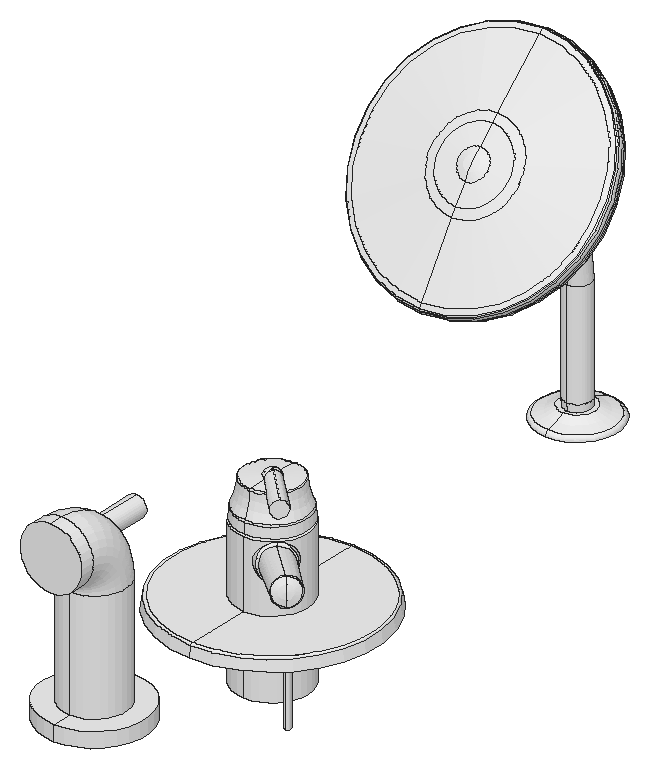
Revit family "Faucet-Delta-TRINSIC-TempAssure_17T_Series_H2Okinetic_Tub_and_Shower_Trim", category Plumbing Fixtures, host Face, Revit 2014
Parameters (values of type "T17T459-H2O")
  Width = 0' - 6 39/64"
  Warranty URL = "http://www.deltafaucet.com/customersupport/warranty.html"
  URL = "http://www.deltafaucet.com/"
  Series = "Trinsic"
  Product Page URL = "http://www.deltafaucet.com/bath/details/t17t459-h2o.html"
  Product Name = "TempAssure 17T Series H2Okinetic Tub and Shower Trim\r\n\r\nRead more: http://www.deltafaucet.com/bath/details/t17t459-h2o.html#ixzz44i7lEKyw"
  Product Documentation Link = "http://www.deltafaucet.com/customersupport/documentation/t17t459-h2o.html?document=ts&fromDetailArea=bath&documentIndex=0#flashWrapper"
  Model = "T17T459-H2O"
  Manufacturer = "DELTA"  # constant formula
  Hot Water Connection = 1/2"
  Height = 0' - 6 39/64"
  HWC R = Hot Water Connection / 2  # 1/4"
  Flow Rate = "2.00 gpm @ 80 psi | 7.6 L/min @ 550 kPa maximum water usage\r\n\r\nRead more: http://www.deltafaucet.com/bath/details/t17t459-h2o.html#ixzz44i7u1Kep"
  Finish = Chrome - DELTA - Polished
  Description = "Trinsic - TempAssure 17T Series H2Okinetic Tub and Shower Trim"  # constant formula
  Depth = 0' - 4.95199"
  Default Elevation = 3' - 9 1/4"
  Collection = ""
  Cold Water Connection = 1/2"
  CWC R = Cold Water Connection / 2  # 1/4"
  Actual Valve Water Flow = 0 GPM
  ADA Compliant = yes
Types (5): name | Product Page URL | Model | Finish
  (no name) | "http://www.deltafaucet.com/bath/details/t17t459-h2o.html" | "T17T459-H2O" | Chrome - DELTA - Polished
  T17T459-H2O | "http://www.deltafaucet.com/bath/details/t17t459-h2o.html" | "T17T459-H2O" | Chrome - DELTA - Polished
  T17T459-CZH2O | "http://www.deltafaucet.com/bath/details/t17t459-czh2o.html" | "T17T459-CZH2O" | Champagne - DELTA - Bronze
  T17T459-RBH2O | "http://www.deltafaucet.com/bath/details/t17t459-rbh2o.html" | "T17T459-RBH2O" | Venetian - DELTA - Bronze
  T17T459-SSH2O | "http://www.deltafaucet.com/bath/details/t17t459-ssh2o.html" | "T17T459-SSH2O" | Steel - DELTA - Brilliance Stainless
Reference planes (in)
  plane 1 "Center (Front/Back)": y = 0
  plane 2: z = 0
  plane 3 "Center (Left/Right)": x = 0
  plane 4: x = -3.30469
  plane 5: x = 3.30469
  plane 6: y = 3.30469
  plane 7: y = -3.30469
  plane 8: y = 1.54958
  plane 9: y = -1.20042
  plane 10: x = -1
  plane 11: x = 1
  plane 12: z = -0.25
  plane 13: z = -2.62217
  plane 14: z = 11.63708
Forms (in)
  Revolve 1, solid, material "Chrome - DELTA - Polished" <- "Finish"
    sketch origin (-0.0115, 0.29193, 0.00583) x (0, 1, 0) y (0, 0, 1)
      loop
        line (12.10771, 0.43541) -> (12.1147, 0.66) -> (12.1147, 3.975) -> (11.7087, 3.975) -> (11.7087, 0.03) -> (12.09508, 0.03) -> (12.09646, 0.07416) -> (12.95871, 0.07416)
        arc (12.95871, 0.07416) -> (12.92828, 0.16031) -> (12.85041, 0.20812) r 0.13688
        arc (12.85041, 0.20812) -> (12.54755, 0.29839) -> (12.26277, 0.43541) r 1.99273
        line (12.26277, 0.43541) -> (12.10771, 0.43541)
      axis (11.7087, 0.03) -> (11.7087, 3.975)
    angle from 0 to 360
  Sweep 2, solid, material "Chrome - DELTA - Polished" <- "Finish"
    path origin (-0.0115, 0.29193, 0.00583) x (0, 1, 0) y (0, 0, 1)
      loop
        arc (10.48704, 6.58692) -> (11.38808, 5.4167) -> (11.7087, 3.975) r 3.40418
    profile origin (-0.0115, 12.00063, 3.98083) x (0, 1, 0.000164) y (1, 0, 0)
      loop
        circle (0, 0) r 0.38712
  Revolve 3, solid, material "Chrome - DELTA - Polished" <- "Finish"
    sketch origin (-0.0115, 0.29193, 0.00583) x (0, 1, 0) y (0, 0, 1)
      loop
        line (10.05297, 7.8484) -> (10.05053, 7.92056) -> (10.0361, 7.98375) -> (10.03844, 8.2245)
        arc (10.03844, 8.2245) -> (9.94556, 8.41006) -> (9.84448, 8.5913) r 4.64365
        arc (9.84448, 8.5913) -> (9.82684, 8.69693) -> (9.84399, 8.80264) r 0.3297
        arc (9.84399, 8.80264) -> (9.91582, 8.98512) -> (9.98676, 9.16796) r 40.09342
        line (9.98676, 9.16796) -> (10.007, 9.59054)
        arc (10.007, 9.59054) -> (10.03109, 9.71043) -> (10.06844, 9.82687) r 1.09112
        arc (10.06844, 9.82687) -> (10.42869, 10.38998) -> (10.75537, 10.97319) r 11.4199
        line (10.75537, 10.97319) -> (10.76214, 11.01445) -> (10.74061, 11.22135)
        arc (10.74061, 11.22135) -> (10.73191, 11.24999) -> (10.71316, 11.27331) r 0.07872
        line (10.71316, 11.27331) -> (10.58202, 11.38425) -> (10.61949, 11.42902) -> (10.55557, 11.51823)
        arc (10.55557, 11.51823) -> (10.5105, 11.56643) -> (10.45323, 11.5992) r 0.22141
        line (10.45323, 11.5992) -> (10.38172, 11.62854) -> (10.34718, 11.62133) -> (10.21139, 11.51926) -> (8.59145, 10.01202)
        arc (8.59145, 10.01202) -> (8.48027, 9.91744) -> (8.3712, 9.82042) r 6.58673
        arc (8.3712, 9.82042) -> (8.13525, 9.59336) -> (7.91244, 9.35339) r 5.82415
        arc (7.91244, 9.35339) -> (7.71734, 9.21616) -> (7.54989, 9.04627) r 1.32966
        line (7.54989, 9.04627) -> (9.85957, 7.11281) -> (10.07424, 7.36924) -> (9.8906, 7.52333) -> (9.876, 7.55702)
        arc (9.876, 7.55702) -> (9.87227, 7.59067) -> (9.86487, 7.6237) r 0.30888
        line (9.86487, 7.6237) -> (10.05297, 7.8484)
      axis (9.85957, 7.11281) -> (7.54989, 9.04627)
    angle from 0 to 360
  Revolve 4, solid, material "Chrome - DELTA - Polished" <- "Finish"
    sketch origin (-0.0115, 0.29193, 0.00583) x (0, 1, 0) y (0, 0, 1)
      loop
        line (10.49306, 6.59413) -> (10.77438, 6.89843) -> (10.47489, 7.15254) -> (10.49473, 7.17617)
        arc (10.49473, 7.17617) -> (10.50139, 7.32544) -> (10.39638, 7.21916) r 0.08005
        line (10.39638, 7.21916) -> (10.08365, 7.4845) -> (9.83599, 7.14417) -> (10.49306, 6.59413)
      axis (10.50869, 6.58104) -> (9.8141, 7.1625)
    angle from 0 to 360
  Sweep 5, solid, material "Chrome - DELTA - Polished" <- "Finish"
    path origin (-0.20592, 0.20647, 0) x (0.707107, 0.707107, 0) y (-0.707107, 0.707107, 0)
      loop
        line (0, -1.90119) -> (0, -0.29176)
    profile origin (0.56941, -0.56886, 0) x (-0.707107, -0.707107, 0) y (0, 0, 1)
      loop
        spline (0.00023, 3.91398) -> (-0.06448, 3.9052) -> (-0.12477, 3.87944) -> (-0.17655, 3.83848) -> (-0.21628, 3.78509) -> (-0.24125, 3.72292) -> (-0.24977, 3.6562) -> (-0.24125, 3.58948) -> (-0.21628, 3.52731) -> (-0.17655, 3.47393) -> (-0.12477, 3.43296) -> (-0.06448, 3.40721) -> (0.00023, 3.39842)
        spline (0.00023, 3.39842) -> (0.06493, 3.40721) -> (0.12523, 3.43296) -> (0.17701, 3.47393) -> (0.21673, 3.52731) -> (0.24171, 3.58948) -> (0.25023, 3.6562) -> (0.24171, 3.72292) -> (0.21673, 3.78509) -> (0.17701, 3.83848) -> (0.12523, 3.87944) -> (0.06493, 3.9052) -> (0.00023, 3.91398)
  Extrusion 6, solid, material "Chrome - DELTA - Polished" <- "Finish"
    sketch origin (0.28184, 0.00622, 0) x (0.000453, -1, 0) y (1, 0.000453, 0)
      loop
        circle (-0.83685, -1.44561) r 0.09389
      loop
        circle (0.83829, 0.86261) r 0.09389
    from -2.62217 to 0
  Revolve 7, solid, material "Chrome - DELTA - Polished" <- "Finish"
    sketch origin (0.00023, 0.00023, 0) x (0, -1, 0) y (0, 0, 1)
      loop
        line (5.40551, 0.47244) -> (5.40551, 0) -> (7, 0) -> (7, 3.93702) -> (6.02558, 3.93702) -> (6.02558, 0.47244) -> (5.40551, 0.47244)
      axis (7, 3.93702) -> (7, 0)
    angle from 0 to 360
  Sweep 8, solid, material "Chrome - DELTA - Polished" <- "Finish"
    path origin (0.00023, 0.00023, 0) x (0, -1, 0) y (0, 0, 1)
      loop
        arc (7, 3.93702) -> (7.36892, 4.82818) -> (8.25998, 5.19735) r 1.25998
        line (8.25998, 5.19735) -> (8.69291, 5.19735)
    profile origin (0.00023, -6.99977, 3.93702) x (0, 1, -0.000278) y (-1, 0, 0)
      loop
        circle (0.0011, 0) r 0.97442
  Revolve 9, solid, material "Chrome - DELTA - Polished" <- "Finish"
    sketch origin (0.00023, 0.00023, 0) x (0, -1, 0) y (0, 0, 1)
      loop
        line (5.34633, 5.51685) -> (5.34633, 5.19685) -> (6.90212, 5.19685) -> (6.90212, 5.51685) -> (5.34633, 5.51685)
      axis (6.90212, 5.19685) -> (5.34633, 5.19685)
    angle from 0 to 360
  Revolve 10, solid, material "Chrome - DELTA - Polished" <- "Finish"
    sketch origin (0, 0, 0) x (0, 1, 0) y (0, 0, 1)
      loop
        line (0, -2.06898) -> (1.11295, -2.06898) -> (1.11295, 0) -> (3.25013, 0) -> (3.19317, 0.32303)
        arc (3.19317, 0.32303) -> (3.16363, 0.36702) -> (3.11122, 0.37471) r 0.06543
        line (3.11122, 0.37471) -> (1.11122, 0.37471) -> (1.11122, 2.46) -> (0.9155, 2.46)
        arc (0.9155, 2.46) -> (0.88658, 2.47685) -> (0.87518, 2.50832) r 0.04911
        line (0.87518, 2.50832) -> (0.87518, 2.54082) -> (1.09405, 2.54082) -> (1.07241, 2.85038)
        arc (1.07241, 2.85038) -> (1.06693, 2.88307) -> (1.05533, 2.91411) r 0.17291
        arc (1.05533, 2.91411) -> (0.92452, 3.28349) -> (0.88016, 3.67283) r 1.73076
        arc (0.88016, 3.67283) -> (0.87383, 3.6925) -> (0.8572, 3.70478) r 0.03371
        arc (0.8572, 3.70478) -> (0.42999, 3.75432) -> (0, 3.76264) r 4.47769
        line (0, 3.76264) -> (0, -2.06898)
      axis (0, -2.06898) -> (0, 3.76264)
    angle from 0 to 360
  Revolve 11, solid, material "Chrome - DELTA - Polished" <- "Finish"
    sketch origin (0, 0, 0) x (0, 1, 0) y (0, 0, 1)
      loop
        line (0, 3.91398) -> (0, 3.36417)
        arc (0, 3.36417) -> (0.27491, 3.63907) -> (0, 3.91398) r 0.27491
      axis (0, 3.36417) -> (0, 3.91398)
    angle from 0 to 360
  Revolve 12, solid, material "Chrome - DELTA - Polished" <- "Finish"
    sketch origin (-10.54712, 10.52375, 0) x (-0.707107, 0.707107, 0) y (0, 0, 1)
      loop
        line (-18.30743, 2.31049) -> (-15.77378, 1.86374) -> (-15.77378, 2.4567) -> (-16.02378, 2.4567)
        arc (-16.02378, 2.4567) -> (-16.05975, 2.4106) -> (-16.11766, 2.4025) r 0.07791
        line (-16.11766, 2.4025) -> (-18.12271, 2.70365)
        arc (-18.12271, 2.70365) -> (-18.14036, 2.70025) -> (-18.15447, 2.6891) r 0.03789
        arc (-18.15447, 2.6891) -> (-18.24851, 2.50689) -> (-18.30743, 2.31049) r 1.10981
      axis (-18.30743, 2.31049) -> (-15.77378, 1.86374)
    angle from 0 to 360
Cuts and joins
  joined: Revolve 1, Sweep 2, Revolve 3, Revolve 4
Lines and regions (in)
  Masking region 1, detail levels coarse
    outline origin (0, 0, 0) x (1, 0, 0) y (0, 0, 1)
      loop
        line (3.82523, 11.63708) -> (-3.84728, 11.63708) -> (-3.84728, 0) -> (3.82523, 0) -> (3.82523, 11.63708)
  Masking region 2, detail levels medium
    outline origin (0, 0, 0) x (1, 0, 0) y (0, 0, 1)
      loop
        line (3.24814, 0) -> (3.24814, 0.37575) -> (1.59571, 0.37575) -> (1.59571, 0.47244) -> (1.10902, 0.47244) -> (1.10902, 1.4311) -> (2.60954, 1.99771) -> (2.60954, 2.70626) -> (1.31471, 2.70626) -> (1.31471, 3.98083) -> (0.37574, 3.98083) -> (0.37574, 5.54453)
        arc (0.37574, 5.54453) -> (0.68873, 5.57932) -> (1, 5.62714) r 7.54916
        arc (1, 5.62714) -> (3.25768, 7.01248) -> (3.59276, 9.64003) r 3.06522
        spline (3.59276, 9.64003) -> (3.44875, 9.92246) -> (3.26721, 10.19187) -> (3.05012, 10.44535) -> (2.79983, 10.68015) -> (2.51906, 10.89371) -> (2.21085, 11.08373) -> (1.87853, 11.24813) -> (1.52572, 11.38515) -> (1.15625, 11.49329) -> (0.7741, 11.57139) -> (0.38344, 11.61858) -> (-0.0115, 11.63437)
        arc (-0.0115, 11.63437) -> (-1.24848, 11.48179) -> (-2.39602, 10.99544) r 4.49545
        arc (-2.39602, 10.99544) -> (-3.37106, 10.0549) -> (-3.8337, 8.78161) r 3.00397
        arc (-3.8337, 8.78161) -> (-3.71039, 7.70464) -> (-3.11259, 6.80037) r 2.32713
        arc (-3.11259, 6.80037) -> (-1.8558, 5.94607) -> (-0.39865, 5.51469) r 4.93466
        line (-0.39865, 5.51469) -> (-0.39865, 3.98083) -> (-1.10931, 3.98083) -> (-1.10931, 0.47244) -> (-1.59426, 0.47244) -> (-1.59426, 0.37489) -> (-3.25215, 0.37489) -> (-3.25215, 0) -> (3.24814, 0)
  Masking region 3, detail levels fine
    outline origin (0, 0, 0) x (1, 0, 0) y (0, 0, 1)
      loop
        line (3.24814, 0) -> (3.24814, 0.37575) -> (1.59571, 0.37575) -> (1.59571, 0.47244) -> (1.10902, 0.47244) -> (1.10902, 1.4311) -> (2.44475, 1.93549)
        spline (2.44475, 1.93549) -> (2.50273, 1.97059) -> (2.55059, 2.02472) -> (2.58527, 2.0956) -> (2.60475, 2.17912) -> (2.60792, 2.27049) -> (2.59459, 2.36443) -> (2.56553, 2.45552) -> (2.52242, 2.53851) -> (2.46775, 2.60861) -> (2.40466, 2.66179) -> (2.33679, 2.69498) -> (2.26806, 2.70626)
        line (2.26806, 2.70626) -> (1.10031, 2.47281) -> (1.09495, 2.54082) -> (1.06727, 2.89207)
        arc (1.06727, 2.89207) -> (0.96313, 3.13868) -> (0.90008, 3.39885) r 1.65595
        line (0.90008, 3.39885) -> (1.14452, 3.39885)
        spline (1.14452, 3.39885) -> (1.19039, 3.40763) -> (1.23313, 3.43336) -> (1.26983, 3.47429) -> (1.29799, 3.52764) -> (1.3157, 3.58976) -> (1.32174, 3.65642) -> (1.3157, 3.72308) -> (1.29799, 3.7852) -> (1.26983, 3.83854) -> (1.23313, 3.87947) -> (1.19039, 3.9052) -> (1.14452, 3.91398)
        line (1.14452, 3.91398) -> (0.37574, 3.91398) -> (0.37574, 5.54453)
        arc (0.37574, 5.54453) -> (0.68873, 5.57932) -> (1, 5.62714) r 7.54916
        arc (1, 5.62714) -> (3.25768, 7.01248) -> (3.59276, 9.64003) r 3.06522
        spline (3.59276, 9.64003) -> (3.44875, 9.92246) -> (3.26721, 10.19187) -> (3.05012, 10.44535) -> (2.79983, 10.68015) -> (2.51906, 10.89371) -> (2.21085, 11.08373) -> (1.87853, 11.24813) -> (1.52572, 11.38515) -> (1.15625, 11.49329) -> (0.7741, 11.57139) -> (0.38344, 11.61858) -> (-0.0115, 11.63437)
        arc (-0.0115, 11.63437) -> (-1.24848, 11.48179) -> (-2.39602, 10.99544) r 4.49545
        arc (-2.39602, 10.99544) -> (-3.37106, 10.0549) -> (-3.8337, 8.78161) r 3.00397
        arc (-3.8337, 8.78161) -> (-3.71039, 7.70464) -> (-3.11259, 6.80037) r 2.32713
        arc (-3.11259, 6.80037) -> (-1.8558, 5.94607) -> (-0.39865, 5.51469) r 4.93466
        line (-0.39865, 5.51469) -> (-0.39865, 3.98083) -> (-1.10931, 3.98083) -> (-1.10931, 0.47244) -> (-1.59426, 0.47244) -> (-1.59426, 0.37489) -> (-3.25215, 0.37489) -> (-3.25215, 0) -> (3.24814, 0)
  symbolic lines, detail levels fine
    curve 1: spline (-0.0115, 0, 9.83271) -> (0.5288, 0, 9.78141) -> (1.03647, 0, 9.63061) -> (1.48084, 0, 9.38941) -> (1.83506, 0, 9.0724) -> (2.07775, 0, 8.6987) -> (2.19424, 0, 8.29091) -> (2.1775, 0, 7.87364) -> (2.02854, 0, 7.47211) -> (1.75635, 0, 7.11056) -> (1.37738, 0, 6.81084) -> (0.91452, 0, 6.59104) -> (0.39572, 0, 6.46446)
    curve 2: spline (-0.41916, 0, 6.46452) -> (-0.93789, 0, 6.59118) -> (-1.40067, 0, 6.81102) -> (-1.77955, 0, 7.11076) -> (-2.05165, 0, 7.47232) -> (-2.20054, 0, 7.87384) -> (-2.21722, 0, 8.29108) -> (-2.10069, 0, 8.69884) -> (-1.85798, 0, 9.07249) -> (-1.50375, 0, 9.38947) -> (-1.0594, 0, 9.63063) -> (-0.55177, 0, 9.78142) -> (-0.0115, 0, 9.83271)
    curve 3: line (0.39572, 0, 6.46446) -> (0.39572, 0, 0.44125)
    curve 4: line (-1.59426, 0, 0.44125) -> (1.59571, 0, 0.44125)
    curve 5: line (1.23852, 0, 0.08) -> (1.23852, 0, 0)
    curve 6: line (-1.26152, 0, 0.08) -> (-1.26152, 0, 0)
    curve 7: line (-0.41916, 0, 6.46452) -> (-0.41916, 0, 0.44125)
    curve 8: arc (0.39572, 0, 3.75044) -> (0.61629, 0, 3.73488) -> (0.8359, 0, 3.70904) r 4.73601
    curve 9: arc (0.8359, 0, 3.70904) -> (0.86599, 0, 3.69658) -> (0.87846, 0, 3.66648) r 0.04256
    curve 10: arc (0.87846, 0, 3.66648) -> (0.92369, 0, 3.27649) -> (1.05698, 0, 2.9072) r 1.70399
    curve 11: arc (1.06989, 0, 2.84403) -> (1.06745, 0, 2.87643) -> (1.05684, 0, 2.90713) r 0.12633
    curve 12: arc (-0.41916, 0, 3.74928) -> (-0.62797, 0, 3.73377) -> (-0.8359, 0, 3.70904) r 4.73601
    curve 13: arc (-0.8359, 0, 3.70904) -> (-0.86599, 0, 3.69658) -> (-0.87846, 0, 3.66648) r 0.04256
    curve 14: arc (-0.87846, 0, 3.66648) -> (-0.92369, 0, 3.27649) -> (-1.05698, 0, 2.9072) r 1.70399
    curve 15: line (1.09495, 0, 2.54082) -> (0.39572, 0, 2.54082)
    curve 16: line (-1.09639, 0, 2.54082) -> (-0.41916, 0, 2.54082)
    curve 17: line (-1.09972, 0, 2.46) -> (-0.41916, 0, 2.46)
    curve 18: line (1.09829, 0, 2.46) -> (0.39572, 0, 2.46)
    curve 19: line (0.87237, 0, 2.54082) -> (0.87237, 0, 2.50427)
    curve 20: arc (0.87237, 0, 2.50427) -> (0.88534, 0, 2.47297) -> (0.91665, 0, 2.46) r 0.04427
    curve 21: arc (-0.87406, 0, 2.50366) -> (-0.88684, 0, 2.47279) -> (-0.91771, 0, 2.46) r 0.04366
    curve 22: line (-0.87406, 0, 2.50366) -> (-0.87406, 0, 2.54082)
Dimensions and locks (in)
  equal spacing: plane 6, plane 1 "Center (Front/Back)", plane 7
  equal spacing: plane 4, plane 3 "Center (Left/Right)", plane 5
  "Width": plane 4 to plane 5
  "Height": plane 6 to plane 7
  equal spacing: plane 10, plane 3 "Center (Left/Right)", plane 11
  locked: plane 10 to plane 11 at 2
  locked: level to plane 12 at 0.25
  Revolve 1 sketch curve to Revolve 1 sketch curve to Revolve 1 sketch curve = 0' - 0", 0' - 0" locked
  Revolve 3 sketch curve to Revolve 3 sketch curve to Revolve 3 sketch curve = 0' - 0", 0' - 0" locked
  Extrusion 6 sketch curve to plane 1 "Center (Front/Back)" to Extrusion 6 sketch curve = 0' - 0.73779" locked, 0' - 0.74854" locked
  locked: plane 2 to plane 13 at 2.62217
  Masking region 1 sketch curve to plane 3 "Center (Left/Right)" to Masking region 1 sketch curve = 0' - 3.82523" locked, 0' - 3.84728" locked
  Masking region 2 sketch curve to Masking region 2 sketch curve to Masking region 2 sketch curve to Masking region 2 sketch curve to Masking region 2 sketch curve to Masking region 2 sketch curve to Masking region 2 sketch curve to Masking region 2 sketch curve to plane 14 = 0' - 0.00086" locked, 0' - 0.0967" locked, 0' - 0" locked, 0' - 2.23382" locked, 0' - 1.27458" locked, 0' - 3.15869" locked, 0' - 1.58272" locked, 0' - 2.91484" locked
  Masking region 2 sketch curve to Masking region 2 sketch curve to Masking region 2 sketch curve to Masking region 2 sketch curve to Masking region 2 sketch curve to Masking region 2 sketch curve to Masking region 2 sketch curve to plane 3 "Center (Left/Right)" to Masking region 2 sketch curve to Masking region 2 sketch curve to Masking region 2 sketch curve to Masking region 2 sketch curve to Masking region 2 sketch curve to Masking region 2 sketch curve to Masking region 2 sketch curve = 0' - 0.50018" locked, 0' - 0.63861" locked, 0' - 1.01383" locked, 0' - 0.281" locked, 0' - 0.20569" locked, 0' - 0.73328" locked, 0' - 0.37574" locked, 0' - 0.0115" locked, 0' - 0.38715" locked, 0' - 0.45307" locked, 0' - 0.25759" locked, 0' - 0.48496" locked, 0' - 1.65789" locked, 0' - 0.59859" locked
  Revolve 3 sketch curve to Revolve 3 sketch curve to Revolve 3 sketch curve to Revolve 3 sketch curve to Revolve 3 sketch curve to Revolve 3 sketch curve to Revolve 3 sketch curve to Revolve 3 sketch curve to Revolve 3 sketch curve to Revolve 3 sketch curve to Revolve 3 sketch curve to Revolve 3 sketch curve to Revolve 3 sketch curve to Revolve 3 sketch curve to Revolve 3 sketch curve to plane 1 "Center (Front/Back)" = 0' - 1.20304" locked, 0' - 0.42479" locked, 0' - 0.04282" locked, 0' - 0.03747" locked, 0' - 0.50778" locked, 0' - 0.03579" locked, 0' - 0.00234" locked, 0' - 0.04934" locked, 0' - 0.09616" locked, 0' - 0.03103" locked, 0' - 0.01558" locked, 0' - 1.2672" locked, 0' - 1.00271" locked, 0' - 0.1917" locked, 0' - 7.67432" locked
  Revolve 3 sketch curve to Revolve 3 sketch curve to Revolve 3 sketch curve to Revolve 3 sketch curve to Revolve 3 sketch curve to Revolve 3 sketch curve to Revolve 3 sketch curve to Revolve 3 sketch curve to Revolve 3 sketch curve to Revolve 3 sketch curve to Revolve 3 sketch curve to Revolve 3 sketch curve to plane 14 = 0' - 0.25643" locked, 0' - 0.83236" locked, 0' - 0.02289" locked, 0' - 0 37/64" locked, 0' - 0.22339" locked, 0' - 0.14194" locked, 0' - 0.01854" locked, 0' - 0.24939" locked, 0' - 1.83742" locked, 0' - 0.11095" locked, 0' - 0.00855" locked, 0' - 0.23845" locked
  locked: Revolve 3 sketch curve to plane 3 "Center (Left/Right)" at 0.0115
  Revolve 4 sketch curve to Revolve 4 sketch curve to Revolve 4 sketch curve to Revolve 4 sketch curve to Revolve 4 sketch curve to Revolve 4 sketch curve to plane 14 = 0' - 0.3043" locked, 0' - 0.24574" locked, 0' - 0.06809" locked, 0' - 0.03983" locked, 0' - 0.23241" locked, 0' - 4.14675" locked
  plane 1 "Center (Front/Back)" to Revolve 4 sketch curve to Revolve 4 sketch curve to Revolve 4 sketch curve to Revolve 4 sketch curve to Revolve 4 sketch curve to Revolve 4 sketch curve to Revolve 4 sketch curve = 0' - 10.04659" locked, 0' - 0.08133" locked, 0' - 0.02949" locked, 0' - 0.21817" locked, 0' - 0.38569" locked, 0' - 0.02372" locked, 0' - 0.28133" locked
  locked: Revolve 4 sketch curve to plane 3 "Center (Left/Right)" at 0.0115
  Sweep 2 sketch curve to Sweep 2 sketch curve to Sweep 2 sketch curve to plane 14 = 0' - 0.00056" locked, 0' - 2.61192" locked, 0' - 5.04432" locked
  plane 1 "Center (Front/Back)" to Sweep 2 sketch curve to Sweep 2 sketch curve = 0' - 10.77897" locked, 0' - 1.22166" locked
  locked: Sweep 2 sketch curve to plane 3 "Center (Left/Right)" at 0.39862
  locked: plane 1 "Center (Front/Back)" to Sweep 2 sketch curve at 11.61351
  plane 1 "Center (Front/Back)" to Revolve 1 sketch curve to Revolve 1 sketch curve to Revolve 1 sketch curve to Revolve 1 sketch curve to Revolve 1 sketch curve = 1' - 0.00063" locked, 0' - 0" locked, 0' - 0.406" locked, 0' - 0.14807" locked, 0' - 0.69595" locked
  Revolve 1 sketch curve to Revolve 1 sketch curve to Revolve 1 sketch curve to Revolve 1 sketch curve to Revolve 1 sketch curve to Revolve 1 sketch curve to plane 2 = 0' - 0.441" locked, 0' - 0" locked, 0' - 3.53959" locked, 0' - 0.36125" locked, 0' - 0.04416" locked, 0' - 0.03584" locked
  locked: plane 3 "Center (Left/Right)" to Revolve 1 sketch curve at 0.0115
  Sweep 8 sketch curve to Sweep 8 sketch curve to Sweep 8 sketch curve to plane 1 "Center (Front/Back)" = 0' - 0.43293" locked, 0' - 1.25998" locked, 0' - 6.99977" locked
  Sweep 8 sketch curve to Sweep 8 sketch curve to Sweep 8 sketch curve to plane 2 = 0' - 1.25998" locked, 0' - 0.00035" locked, 0' - 3.93702" locked
  Sweep 8 sketch curve to Sweep 8 sketch curve to plane 1 "Center (Front/Back)" = 0' - 0" locked, 0' - 6.99868" locked
  plane 3 "Center (Left/Right)" to Sweep 8 sketch curve to Sweep 8 sketch curve = 0' - 0.00023" locked, 0' - 0" locked
  Revolve 7 sketch curve to Revolve 7 sketch curve to Revolve 7 sketch curve to Revolve 7 sketch curve to plane 1 "Center (Front/Back)" = 0' - 0" locked, 0' - 0.97442" locked, 0' - 0.62007" locked, 0' - 5.40528" locked
  Revolve 7 sketch curve to Revolve 7 sketch curve to Revolve 7 sketch curve to Revolve 7 sketch curve to Revolve 7 sketch curve to plane 14 = 0' - 0 1/2" locked, 0' - 0" locked, 0' - 0.47244" locked, 0' - 3.46458" locked, 0' - 7.70006" locked
  locked: Revolve 7 sketch curve to plane 3 "Center (Left/Right)" at 0.00023
  Revolve 9 sketch curve to Revolve 9 sketch curve to Revolve 9 sketch curve to plane 14 = 0' - 0" locked, 0' - 0.32" locked, 0' - 6.12023" locked
  Revolve 9 sketch curve to Revolve 9 sketch curve to plane 1 "Center (Front/Back)" = 0' - 1.55579" locked, 0' - 5.3461" locked
  locked: plane 3 "Center (Left/Right)" to Revolve 9 sketch curve at 0.00023
  plane 3 "Center (Left/Right)" to Sweep 5 sketch curve to Sweep 5 sketch curve = 0' - 0.00039" locked, 0' - 1.13804" locked
  Sweep 5 sketch curve to plane 1 "Center (Front/Back)" to Sweep 5 sketch curve = 0' - 1.13788" locked, 0' - 0.00016" locked
  locked: Sweep 5 sketch curve to plane 2 at 3.6562
  locked: Sweep 5 sketch curve to plane 3 "Center (Left/Right)" at 0.56925
  locked: Sweep 5 sketch curve to plane 1 "Center (Front/Back)" at 0.56902
  Sweep 5 sketch curve to plane 2 = 0' - 3.6562"
  equal spacing: Extrusion 6 sketch curve, plane 1 "Center (Front/Back)", Extrusion 6 sketch curve
  Extrusion 6 sketch curve to plane 3 "Center (Left/Right)" to Extrusion 6 sketch curve = 0' - 1.25804" locked, 0' - 1.23872" locked
  plane 1 "Center (Front/Back)" to Revolve 10 sketch curve to Revolve 10 sketch curve to Revolve 10 sketch curve to Revolve 10 sketch curve to Revolve 10 sketch curve to Revolve 10 sketch curve to Revolve 10 sketch curve = 0' - 0.8572" locked, 0' - 0.02296" locked, 0' - 0.21389" locked, 0' - 0.01716" locked, 0' - 0.00173" locked, 0' - 2.01579" locked, 0' - 0.12139" locked
  Revolve 10 sketch curve to Revolve 10 sketch curve to Revolve 10 sketch curve to Revolve 10 sketch curve to Revolve 10 sketch curve to plane 2 to Revolve 10 sketch curve to Revolve 10 sketch curve = 0' - 0.09165" locked, 0' - 1.13201" locked, 0' - 0.08082" locked, 0' - 2.08529" locked, 0' - 0.37471" locked, 0' - 0" locked, 0' - 2.06898" locked
  locked: plane 1 "Center (Front/Back)" to Revolve 11 sketch curve at 0.27491
  locked: Revolve 11 sketch curve to plane 2 at 3.63907
  Revolve 12 sketch curve to Revolve 12 sketch curve to Revolve 12 sketch curve to Revolve 12 sketch curve to Revolve 12 sketch curve to Revolve 12 sketch curve to plane 3 "Center (Left/Right)" = 0' - 0.76927" locked, 0' - 0.79254" locked, 0' - 0.22975" locked, 0' - 0.01892" locked, 0' - 0.15062" locked, 0' - 0.43709" locked
  Revolve 12 sketch curve to Revolve 12 sketch curve to Revolve 12 sketch curve to Revolve 12 sketch curve to Revolve 12 sketch curve to Revolve 12 sketch curve to plane 2 = 0' - 0.24695" locked, 0' - 0.14621" locked, 0' - 0.21934" locked, 0' - 0.23213" locked, 0' - 0.03756" locked, 0' - 1.82146" locked
  plane 3 "Center (Left/Right)" to Revolve 12 sketch curve to Revolve 12 sketch curve = 0' - 0.43709" locked, 0' - 0.15062" locked
  Revolve 12 sketch curve to Revolve 12 sketch curve to plane 1 "Center (Front/Back)" = 0' - 0.15062" locked, 0' - 0.46046" locked
  diameter of Extrusion 6 sketch curve = 0' - 0.18777"  (x2)
  aligned and locked: plane 2 to host face
  aligned and locked: level to host face
  aligned and locked: Extrusion 6 to plane 13
  aligned and locked: level to Extrusion 6
  aligned and locked: host face to Masking region 1 sketch curve
  aligned and locked: plane 14 to Masking region 1 sketch curve
  aligned and locked: Revolve 10 sketch curve to plane 1 "Center (Front/Back)"  (x2)
  aligned and locked: plane 3 "Center (Left/Right)" to Revolve 10 sketch curve
  aligned and locked: Revolve 11 sketch curve to plane 1 "Center (Front/Back)"
  aligned and locked: plane 1 "Center (Front/Back)" to Revolve 11 sketch curve
  aligned and locked: plane 3 "Center (Left/Right)" to Revolve 11 sketch curve
Automatic sketch dimensions
  host sketch curve to host sketch curve = 8' - 0"  (x2)
  Revolve 1 sketch curve to Revolve 1 sketch curve = 0' - 0.38638"
  Revolve 1 sketch curve to Revolve 1 sketch curve = 0' - 0.00138"
  Revolve 1 sketch curve to Revolve 1 sketch curve = 0' - 0.01125"
  Revolve 1 sketch curve to Revolve 1 sketch curve = 0' - 0.15506"
  Revolve 1 sketch curve to Revolve 1 sketch curve = 0' - 0.13688"
  Revolve 1 sketch curve to Revolve 1 sketch curve = 0' - 1.15173"
  Revolve 1 sketch curve to Revolve 1 sketch curve = 0' - 0.22459"
  Revolve 1 sketch curve to Revolve 1 sketch curve = 0' - 1.49694"
  Revolve 1 sketch curve to Revolve 1 sketch curve = 0' - 0"
  Revolve 1 sketch curve to Revolve 1 sketch curve = 0' - 0.441"
  Sweep 2 sketch curve to profile plane = 0' - 0"  (x2)
  Revolve 3 sketch curve to Revolve 3 sketch curve = 0' - 1.7094"
  Revolve 3 sketch curve to Revolve 3 sketch curve = 0' - 1.04156"
  Revolve 3 sketch curve to Revolve 3 sketch curve = 0' - 0.99081"
  Revolve 3 sketch curve to Revolve 3 sketch curve = 0' - 0.29197"
  Revolve 3 sketch curve to Revolve 3 sketch curve = 0' - 0.01113"
  Revolve 3 sketch curve to Revolve 3 sketch curve = 0' - 0.0146"
  Revolve 3 sketch curve to Revolve 3 sketch curve = 0' - 0.12189"
  Revolve 3 sketch curve to Revolve 3 sketch curve = 0' - 0.02024"
  Revolve 3 sketch curve to Revolve 3 sketch curve = 0' - 0.17123"
  Revolve 3 sketch curve to Revolve 3 sketch curve = 0' - 0.00234"
  Revolve 3 sketch curve to Revolve 3 sketch curve = 0' - 0.01443"
  Revolve 3 sketch curve to Revolve 3 sketch curve = 0' - 0.00244"
  Revolve 3 sketch curve to Revolve 3 sketch curve = 0' - 0.1181"
  Revolve 3 sketch curve to Revolve 3 sketch curve = 0' - 0.13578"
  Revolve 3 sketch curve to Revolve 3 sketch curve = 0' - 0.03455"
  Revolve 3 sketch curve to Revolve 3 sketch curve = 0' - 0.07151"
  Revolve 3 sketch curve to Revolve 3 sketch curve = 0' - 0.02645"
  Revolve 3 sketch curve to Revolve 3 sketch curve = 0' - 0.03747"
  Revolve 3 sketch curve to Revolve 3 sketch curve = 0' - 0.08029"
  Revolve 3 sketch curve to Revolve 3 sketch curve = 0' - 0.05085"
  Revolve 3 sketch curve to Revolve 3 sketch curve = 0' - 0.02745"
  Revolve 3 sketch curve to Revolve 3 sketch curve = 0' - 0.01476"
  Revolve 3 sketch curve to Revolve 3 sketch curve = 0' - 0.00677"
  Revolve 3 sketch curve to Revolve 3 sketch curve = 0' - 1.0801"
  Revolve 3 sketch curve to Revolve 3 sketch curve = 0' - 2.2159"
  Revolve 3 sketch curve to Revolve 3 sketch curve = 0' - 0.51312"
  Revolve 3 sketch curve to Revolve 3 sketch curve = 0' - 0.6618"
  Revolve 3 sketch curve to Revolve 3 sketch curve = 0' - 0.4732"
  Revolve 3 sketch curve to Revolve 3 sketch curve = 0' - 0.15466"
  Revolve 3 sketch curve to Revolve 3 sketch curve = 0' - 0.96574"
  Revolve 3 sketch curve to Revolve 3 sketch curve = 0' - 0.04126"
  Revolve 3 sketch curve to Revolve 3 sketch curve = 0' - 0.00815"
  Revolve 3 sketch curve to Revolve 3 sketch curve = 0' - 0.11095"
  Revolve 3 sketch curve to Revolve 3 sketch curve = 0' - 0.00855"
  Revolve 3 sketch curve to Revolve 3 sketch curve = 0' - 0.04476"
  Revolve 3 sketch curve to Revolve 3 sketch curve = 0' - 0.08921"
  Revolve 3 sketch curve to Revolve 3 sketch curve = 0' - 0.12647"
  Revolve 3 sketch curve to Revolve 3 sketch curve = 0' - 0.02212"
  Revolve 3 sketch curve to Revolve 3 sketch curve = 0' - 0.00721"
  Revolve 3 sketch curve to Revolve 3 sketch curve = 0' - 7.21376"
  Revolve 3 sketch curve to Revolve 3 sketch curve = 0' - 0.16751"
  Revolve 3 sketch curve to Revolve 3 sketch curve = 0' - 0.33835"
  Revolve 3 sketch curve to Revolve 3 sketch curve = 0' - 0.31255"
  Revolve 3 sketch curve to Revolve 3 sketch curve = 0' - 0.02025"
  Revolve 3 sketch curve to Revolve 3 sketch curve = 0' - 0.14022"
  Sweep 8 sketch curve to profile plane = 0' - 0.0011"
  profile plane to Sweep 8 sketch curve = 0' - 0.97332"
  Sweep 5 sketch curve to profile plane = 0' - 0.00023"
  Sweep 5 sketch curve to Sweep 5 sketch curve = 0' - 0.25778"
  Revolve 9 sketch curve to Revolve 9 sketch curve = 0' - 0.1094"
  Revolve 9 sketch curve to Revolve 9 sketch curve = 0' - 0"
  Revolve 4 sketch curve to Revolve 4 sketch curve = 0' - 0.01983"
  Revolve 4 sketch curve to Revolve 4 sketch curve = 0' - 0.02364"
  Revolve 4 sketch curve to Revolve 4 sketch curve = 0' - 0.02469"
  plane 11 to Masking region 2 sketch curve = 0' - 0"
  Masking region 2 sketch curve to level = 0' - 0"
  Masking region 2 sketch curve to plane 10 = 0' - 0.52361"
  Masking region 2 sketch curve to plane 3 "Center (Left/Right)" = 0' - 0.30172"
  Masking region 2 sketch curve to plane 3 "Center (Left/Right)" = 0' - 0.08497"
  plane 3 "Center (Left/Right)" to Masking region 2 sketch curve = 0' - 0.25684"
  plane 11 to Masking region 2 sketch curve = 0' - 0.3169"
  Masking region 2 sketch curve to Masking region 2 sketch curve = 0' - 0.95866"
  Masking region 2 sketch curve to Masking region 2 sketch curve = 0' - 0.70855"
  Masking region 2 sketch curve to Masking region 2 sketch curve = 0' - 0"  (x3)
  Masking region 2 sketch curve to Masking region 2 sketch curve = 0' - 1.53386"
  Masking region 2 sketch curve to Masking region 2 sketch curve = 0' - 0.02984"
  Masking region 2 sketch curve to Masking region 2 sketch curve = 0' - 0.30342"
  Masking region 2 sketch curve to Masking region 2 sketch curve = 0' - 0.08174"
  Masking region 2 sketch curve to Masking region 2 sketch curve = 0' - 0.04631"
  plane 14 to Masking region 2 sketch curve = 0' - 1.23146"
  Masking region 2 sketch curve to Masking region 2 sketch curve = 0' - 0.02441"
  Masking region 3 sketch curve to level = 0' - 0"
  plane 11 to Masking region 3 sketch curve = 0' - 0"
  plane 11 to Masking region 3 sketch curve = 0' - 0.09992"
  plane 11 to Masking region 3 sketch curve = 0' - 0.3169"
  plane 3 "Center (Left/Right)" to Masking region 3 sketch curve = 0' - 0.37574"
  plane 3 "Center (Left/Right)" to Masking region 3 sketch curve = 0' - 0.25684"
  Masking region 3 sketch curve to plane 3 "Center (Left/Right)" = 0' - 0.08497"
  Masking region 3 sketch curve to plane 3 "Center (Left/Right)" = 0' - 0.30172"
  Masking region 3 sketch curve to plane 3 "Center (Left/Right)" = 0' - 0.39865"
  plane 10 to Masking region 3 sketch curve = 0' - 0.14828"
  Masking region 3 sketch curve to plane 10 = 0' - 0.10931"
  Masking region 3 sketch curve to plane 10 = 0' - 0.52361"
  Masking region 3 sketch curve to Masking region 3 sketch curve = 0' - 0.48496"
  plane 4 to Masking region 3 sketch curve = 0' - 0.05254"
  Masking region 3 sketch curve to plane 11 = 0' - 0.06727"
  Masking region 3 sketch curve to plane 11 = 0' - 0.09495"
  Masking region 3 sketch curve to Masking region 3 sketch curve = 0' - 0.00536"
  Masking region 3 sketch curve to plane 11 = 0' - 0.10902"
  Masking region 3 sketch curve to plane 11 = 0' - 0 37/256"
  Masking region 3 sketch curve to Masking region 3 sketch curve = 0' - 0.48669"
  Masking region 3 sketch curve to plane 5 = 0' - 1.03663"
  Masking region 3 sketch curve to plane 5 = 0' - 0.76897"
  Masking region 3 sketch curve to plane 5 = 0' - 0.05654"
  level to Masking region 3 sketch curve = 0' - 0.37489"
  level to Masking region 3 sketch curve = 0' - 0.37575"
  Masking region 3 sketch curve to Masking region 3 sketch curve = 0' - 0.09756"
  level to Masking region 3 sketch curve = 0' - 0.47244"
  Masking region 3 sketch curve to Masking region 3 sketch curve = 0' - 0.95866"
  Masking region 3 sketch curve to Masking region 3 sketch curve = 0' - 1.04171"
  Masking region 3 sketch curve to Masking region 3 sketch curve = 0' - 0.06801"
  Masking region 3 sketch curve to Masking region 3 sketch curve = 0' - 0.16544"
  Masking region 3 sketch curve to Masking region 3 sketch curve = 0' - 0.35125"
  Masking region 3 sketch curve to Masking region 3 sketch curve = 0' - 0.50679"
  Masking region 3 sketch curve to Masking region 3 sketch curve = 0' - 0.51513"
  Masking region 3 sketch curve to Masking region 3 sketch curve = 0' - 0.06685"
  Masking region 3 sketch curve to Masking region 3 sketch curve = 0' - 1.53386"
  Masking region 3 sketch curve to Masking region 3 sketch curve = 0' - 0.02984"
  Masking region 3 sketch curve to Masking region 3 sketch curve = 0' - 1.62483"
  Masking region 3 sketch curve to Masking region 3 sketch curve = 0' - 1.2793"
  Masking region 3 sketch curve to Masking region 3 sketch curve = 0' - 0.08174"
  Masking region 3 sketch curve to Masking region 3 sketch curve = 0' - 0.25711"
  plane 14 to Masking region 3 sketch curve = 0' - 1.23146"
  Masking region 3 sketch curve to plane 14 = 0' - 1.42614"
  plane 14 to Masking region 3 sketch curve = 0' - 0.00271"
  Masking region 3 sketch curve to plane 3 "Center (Left/Right)" = 0' - 0.0115"
  Masking region 3 sketch curve to Masking region 3 sketch curve = 0' - 0"  (x2)
  Masking region 3 sketch curve to Masking region 3 sketch curve = 0' - 0.02441"
  Masking region 3 sketch curve to Masking region 3 sketch curve = 0' - 0.05186"
  Masking region 3 sketch curve to Masking region 3 sketch curve = 0' - 0.05377"
  Masking region 3 sketch curve to Masking region 3 sketch curve = 0' - 0.1226"
  Masking region 3 sketch curve to Masking region 3 sketch curve = 0' - 0.00032"
  plane 5 to Masking region 3 sketch curve = 0' - 0.28807"
  Masking region 3 sketch curve to Masking region 3 sketch curve = 0' - 0.77077"
  Masking region 3 sketch curve to Masking region 3 sketch curve = 0' - 0.00084"
  curve 6 to level = 0' - 0"
  curve 5 to level = 0' - 0"
  plane 4 to curve 14 = 0' - 0.72224"
  plane 10 to curve 21 = 0' - 0.08229"
  curve 21 to curve 22 = 0' - 0.04366"
  plane 10 to curve 13 = 0' - 0.1641"
  curve 7 to plane 3 "Center (Left/Right)" = 0' - 0.41916"
  curve 12 to plane 3 "Center (Left/Right)" = 0' - 0.17284"
  plane 3 "Center (Left/Right)" to curve 8 = 0' - 0.17284"
  plane 3 "Center (Left/Right)" to curve 3 = 0' - 0.39572"
  plane 11 to curve 9 = 0' - 0.1641"
  plane 11 to curve 19 = 0' - 0.12763"
  curve 20 to curve 20 = 0' - 0.04427"
  plane 11 to curve 11 = 0' - 0.05625"
  curve 10 to plane 5 = 0' - 0.72224"
  curve 12 to plane 12 = 0' - 0.73032"
  curve 8 to curve 12 = 0' - 0"
  level to curve 22 = 0' - 2.50366"
  curve 17 to curve 20 = 0' - 0.04427"
  curve 20 to curve 11 = 0' - 0.34656"
  curve 11 to curve 10 = 0' - 0.81565"
  curve 17 to curve 14 = 0' - 1.20648"
  curve 9 to curve 3 = 0' - 2.79797"
  curve 3 to curve 7 = 0' - 0.00006"
  plane 4 to curve 1 = 0' - 1.07799"
  curve 2 to curve 1 = 0' - 0"
  curve 4 to plane 10 = 0' - 0.59426"
  level to curve 6 = 0' - 0.08"
  curve 6 to plane 10 = 0' - 0.26152"
  curve 17 to plane 10 = 0' - 0.09972"
  curve 17 to curve 16 = 0' - 0.00334"
  curve 14 to plane 10 = 0' - 0.05698"
  curve 13 to curve 13 = 0' - 0.04256"
  curve 14 to curve 13 = 0' - 0"
  curve 2 to plane 3 "Center (Left/Right)" = 0' - 0.0115"
  curve 9 to curve 9 = 0' - 0.04256"
  curve 10 to curve 9 = 0' - 0"
  curve 11 to plane 11 = 0' - 0.05684"
  curve 11 to curve 10 = 0' - 0.00014"
  curve 11 to curve 11 = 0' - 0.01305"
  curve 15 to plane 11 = 0' - 0.09495"
  curve 15 to curve 18 = 0' - 0.00334"
  level to curve 5 = 0' - 0.08"
  curve 5 to plane 11 = 0' - 0.23852"
  curve 5 to curve 4 = 0' - 0.35719"
  level to curve 4 = 0' - 0.44125"
  curve 17 to curve 16 = 0' - 0.08082"
  curve 18 to curve 15 = 0' - 0.08082"
  curve 11 to curve 10 = 0' - 0.06316"
  curve 3 to curve 2 = 0' - 1.66965"
  Revolve 4 sketch curve to Revolve 4 sketch curve = 0' - 0.00837"
  Revolve 4 sketch curve to Revolve 4 sketch curve = 0' - 0.06662"
  Revolve 4 sketch curve to Revolve 4 sketch curve = 0' - 0.00556"
  Sweep 8 sketch curve to Sweep 8 sketch curve = 0' - 0"
  Sweep 8 sketch curve to profile plane = 0' - 0"
  Revolve 10 sketch curve to Revolve 10 sketch curve = 0' - 0.02474"
  Revolve 10 sketch curve to Revolve 10 sketch curve = 0' - 0.00879"
  Revolve 10 sketch curve to Revolve 10 sketch curve = 0' - 0.17249"
  Revolve 10 sketch curve to Revolve 10 sketch curve = 0' - 0.16976"
  Revolve 10 sketch curve to plane 6 = 0' - 0.69377"
  Revolve 10 sketch curve to Revolve 10 sketch curve = 0' - 0.0325"
  Revolve 10 sketch curve to Revolve 10 sketch curve = 0' - 0.2975"
  Revolve 10 sketch curve to Revolve 10 sketch curve = 0' - 0.01206"
  Revolve 10 sketch curve to Revolve 10 sketch curve = 0' - 0.08981"
  Revolve 10 sketch curve to Revolve 10 sketch curve = 0' - 0.01075"
  Revolve 10 sketch curve to Revolve 10 sketch curve = 0' - 0"
  Revolve 10 sketch curve to Revolve 10 sketch curve = 0' - 0.01752"
  Revolve 10 sketch curve to Revolve 10 sketch curve = 0' - 0.06443"
  Revolve 10 sketch curve to Revolve 10 sketch curve = 0' - 0.01136"
  Revolve 10 sketch curve to Revolve 10 sketch curve = 0' - 0.22182"
  Revolve 10 sketch curve to Revolve 10 sketch curve = 0' - 0.52818"
  Revolve 11 sketch curve to Revolve 11 sketch curve = 0' - 0"
  Revolve 11 sketch curve to Revolve 11 sketch curve = 0' - 0.04653"
  level to Revolve 12 sketch curve = 0' - 2.31049"
  Revolve 12 sketch curve to Revolve 12 sketch curve = 0' - 0.18285"
  level to Revolve 12 sketch curve = 0' - 2.70365"
  Revolve 12 sketch curve to Revolve 12 sketch curve = 0' - 0.00187"
  Revolve 12 sketch curve to Revolve 12 sketch curve = 0' - 0.90506"
  level to Revolve 12 sketch curve = 0' - 2.4025"
  Revolve 12 sketch curve to Revolve 12 sketch curve = 0' - 1.10186"
  Revolve 12 sketch curve to Revolve 12 sketch curve = 0' - 0.01895"
  Revolve 12 sketch curve to Revolve 12 sketch curve = 0' - 0.07492"
  Revolve 12 sketch curve to Revolve 12 sketch curve = 0' - 0.34387"
  Revolve 12 sketch curve to Revolve 12 sketch curve = 0' - 0.6125"
  Revolve 12 sketch curve to Revolve 12 sketch curve = 0' - 0.53877"
  Revolve 12 sketch curve to Revolve 12 sketch curve = 0' - 0.0542"
  Revolve 12 sketch curve to Revolve 12 sketch curve = 0' - 0.03785"
  level to Revolve 12 sketch curve = 0' - 1.85902"
  Revolve 12 sketch curve to Revolve 12 sketch curve = 0' - 0.02675"
  level to Revolve 12 sketch curve = 0' - 1.82146"
  Revolve 12 sketch curve to Revolve 12 sketch curve = 0' - 0.21301"
